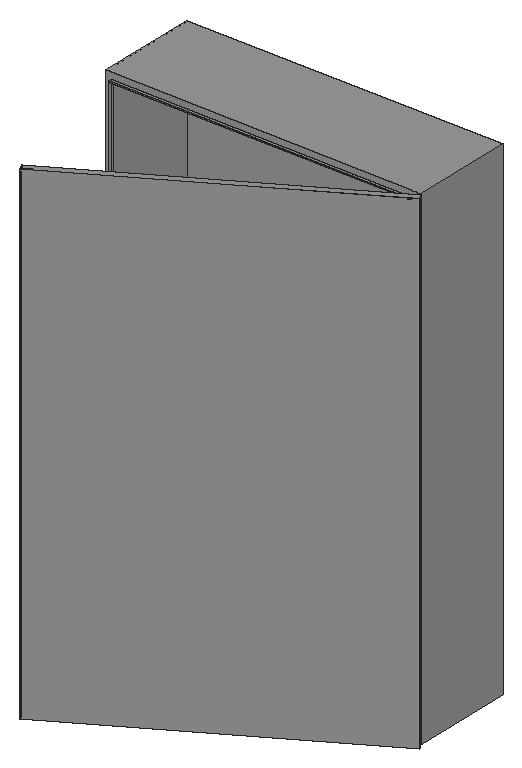
Revit family "Hager-Univers-IP55-D275-H1250-Cl.II-Steel_encl-NoHosted-BE-fr", category Electrical Equipment, Revit 2020
Family settings
  Panel Configuration = Two Columns, Circuits Across
  Round Connector Dimension = Use Diameter
  Part Type = Panelboard
  Work Plane-Based = Yes
  Always vertical = Yes
  Cut with Voids When Loaded = No
  Shared = No
  Room Calculation Point = No
Parameters (values of type "saillie IP55 L800 H1250 P275  - FR83S")
  Width Control [instance] = if([EF000008 - largeur] > Min Width, [EF000008 - largeur], Min Width)  # 800 mm
  Type Comments = [HG000003 - Gamme]  # "Univers"
  Thickness Door [instance] = if([EF009171 - épaisseur de matériau de la porte/du couvercle] > 3 mm, 3 mm, [EF009171 - épaisseur de matériau de la porte/du couvercle])  # 1.5 mm
  Seal Frame Offset [instance] = 17 mm  # constant formula
  Plinth Visibility [instance] = [HG000027 - Hauteur du socle] > 0 mm  # no
  Min Width [instance] = 100 mm  # constant formula
  Min Depth [instance] = (2 * [EF009170 - épaisseur de matériau du boîtier]) + 1 mm  # 4 mm
  Min Height [instance] = 100 mm  # constant formula
  Internal Frame Depth [instance] = (Door System Depth * 0.5)  # 9 mm
  Panel Name [instance] = ""  # (empty or 0)
  Model = ""
  HG000027 - Hauteur du socle = 0 mm
  HG000026 - Installation au sol = no
  HG000024 - Hauteur de la section basse = 600 mm
  HG000023 - Armoire double section = no
  HG000016 - Visibilité de la porte 3D [instance] = yes
  HG000015 - Visibilité de l'emprise de la porte [instance] = no
  HG000014 - Porte à droite [instance] = yes
  HG000013 - Porte à gauche [instance] = not([HG000014 - Porte à droite])  # no
  HG000012 - Angle de pivotement de la porte [instance] = 30.00°
  HG000010 - Portes asymétriques = no
  HG000009 - Porte à double battant = no
  HG000006 - Encastré = no
  HG000004 - Référence fabricant = "FR83S"
  HG000003 - Gamme = "Univers"
  HG000002 - avec porte = yes
  Frame Offset Bottom [instance] = 10 mm  # constant formula
  Frame Offset [instance] = 15 mm  # constant formula
  EF015940 - couvercle avec décharge de pression = no
  EF011959 - degré de protection (NEMA) = ""
  EF009554 - nombre d'ouvertures pour plaques à bride = 6
  EF009212 - finition du couvercle = "EV000116 - fermé"
  EF009171 - épaisseur de matériau de la porte/du couvercle = 1.5 mm
  EF009170 - épaisseur de matériau du boîtier = 1.5 mm
  EF008873 - courant nominal (In) = 800 A
  EF007800 - adapté à un parafoudre = no
  EF006306 - avec serrure = no
  EF006244 - couvercle/porte transparent(e) = no
  EF005474 - indice de protection (IP) = "EV006420 - IP55"
  EF004464 - type de porte = "EV002646 - unique"
  EF004427 - nombre de modules = 288
  EF004293 - indice de protection contre les chocs (IK) = "EV008784 - IK10"
  EF003532 - convient pour utilisation à l’extérieur = no
  EF002950 - largeur en nombre de modules = 24
  EF001613 - maintien de fonction = "EV000494 - sans"
  EF001596 - matériau du boîtier/corps = "EV000179 - acier"
  EF001131 - profondeur intérieure = 275 mm
  EF001088 - possibilité de montage en saillie = yes
  EF000437 - nombre d'entrées de conduit = 6
  EF000339 - type de capot = "EV004216 - porte"
  EF000266 - nombre de rangées = 8
  EF000218 - profondeur d'encastrement = 0 mm
  EF000118 - avec cadre/support de montage = no
  EF000116 - numéro RAL = "7035"
  EF000049 - profondeur = 275 mm
  EF000040 - hauteur = 1250 mm
  EF000008 - largeur = 800 mm
  EF000007 - couleur = "EV000270 - gris"
  EF000003 - mode de pose = "EV000384 - saillie"
  Door System Leaf Tolerance [instance] = 1.5 mm  # constant formula
  Door System Depth [instance] = 18 mm  # constant formula
  Door Height [instance] = Height Control - [HG000027 - Hauteur du socle]  # 1250 mm
  Description = ""
  Default Elevation = 1219.2 mm
  Connector Offset [instance] = Height Control / 2  # 625 mm
  Manufacturer = "Hager"  # constant formula
  Height Control [instance] = if([EF000040 - hauteur] > Min Height, [EF000040 - hauteur], Min Height)  # 1250 mm
  Depth Control [instance] = if([EF000049 - profondeur] > Min Depth, [EF000049 - profondeur], Min Depth)  # 275 mm
  Bottom Top Plate Trim [instance] = 1.5 mm  # constant formula
  Plinth height Ctrl [instance] = if([HG000027 - Hauteur du socle] > 0 mm, [HG000027 - Hauteur du socle], 12 mm)  # 12 mm
Types (5, lengths in mm): name | Width Control | HG000010 - Portes asymétriques | HG000009 - Porte à double battant | HG000004 - Référence fabricant | EF009554 - nombre d'ouvertures pour plaques à bride | EF004464 - type de porte | EF004427 - nombre de modules | EF000437 - nombre d'entrées de conduit | EF000008 - largeur
  saillie IP55 L1050 H1250 P275  - FR84S | 1050 | no | yes | "FR84S" | 8 | "EV003602 - double" | 384 | 8 | 1050
  saillie IP55 L1300 H1250 P275  - FR85S | 1300 | yes | yes | "FR85S" | 10 | "EV003602 - double" | 480 | 10 | 1300
  saillie IP55 L300 H1250 P275  - FR81S | 300 | no | no | "FR81S" | 2 | "EV002646 - unique" | 96 | 2 | 300
  saillie IP55 L550 H1250 P275  - FR82S | 550 | no | no | "FR82S" | 4 | "EV002646 - unique" | 192 | 4 | 550
  saillie IP55 L800 H1250 P275  - FR83S | 800 | no | no | "FR83S" | 6 | "EV002646 - unique" | 288 | 6 | 800
Reference planes
  plane 1 "Center (Front/Back)": y = 0
  plane 2: z = 0
  plane 3 "Center (Left/Right)": x = 0
  plane 4: y = 0
  plane 5: y = 0
  plane 6: z = 0
  plane 7: x = -400
  plane 8: x = 400
  plane 9: x = 398.5
  plane 10: x = -398.5
  plane 11: z = 0
  plane 12: z = 1.5
  plane 13: y = -275
  plane 14: y = -1.5
  plane 15: x = 0
  plane 16: y = -257
  plane 17: y = -273.5
  plane 18: y = -255.5
  plane 19: x = -383.5
  plane 20: x = 383.5
  plane 21: z = 11.5
  plane 22: x = -383
  plane 23: x = 383
  plane 24: z = 0
  plane 25: z = 1250
  plane 26: z = 1250
  plane 27: z = 1233.5
  plane 28: z = 1248.5
Forms (mm)
  Extrusion 1, solid, material "Hager_Steel_RAL7035_Light_Grey", detail levels medium+fine
    sketch origin (-208.679, -4572, 0) x (-1, 0, 0) y (0, -1, 0)
      loop
        line (191.321, -4315) -> (-608.679, -4315) -> (-608.679, -4572) -> (191.321, -4572) -> (191.321, -4315)
    from 0 to 1250
  Extrusion 2, void
    sketch origin (-350.771, -275, 1219.2) x (1, 0, 0) y (0, 0, 1)
      loop
        line (-47.729, 29.3) -> (-47.729, -1217.7) -> (749.271, -1217.7) -> (749.271, 29.3) -> (-47.729, 29.3)
    from -19.5 to -273.5
  Extrusion 3, void
    sketch origin (-290.084, -257, 1219.2) x (1, 0, 0) y (0, 0, 1)
      loop
        line (-93.416, -1207.7) -> (673.584, -1207.7) -> (673.584, 14.3) -> (-93.416, 14.3) -> (-93.416, -1207.7)
    from 0 to -1.5
  Extrusion 4, solid, material "Hager_Steel_RAL7035_Light_Grey", visible <- "Plinth Visibility", detail levels medium+fine
    sketch origin (0, 0, 0) x (1, 0, 0) y (0, 1, 0)
      loop
        line (-400, 0) -> (-400, -257) -> (400, -257) -> (400, 0) -> (-400, 0)
    from 0 to 12 <- "Plinth height Ctrl"
  Extrusion 5, solid, material "Hager_Steel_RAL7035_Light_Grey", detail levels coarse
    sketch origin (0, 0, 0) x (1, 0, 0) y (0, 1, 0)
      loop
        line (-400, 0) -> (-400, -275) -> (400, -275) -> (400, 0) -> (-400, 0)
    from 0 to 1250 <- "Height Control"
  Sweep 6, void
    path in 3D
      loop
        line (-400, -257, 12) -> (400, -257, 12) -> (400, 0, 12) -> (-400, 0, 12) -> (-400, -257, 12)
    profile origin (-400, -128.5, 12) x (1, 0, 0) y (0, 0, 1)
      loop
        line (0, 0) -> (0, -1.5) -> (1.5, -1.5)
        arc (1.5, -1.5) -> (1.061, -0.439) -> (0, 0) r 1.5
  Extrusion 7, solid, material "Hager_Steel_RAL7035_Light_Grey", detail levels fine
    sketch origin (-400, -257, 0) x (1, 0, 0) y (0, 0, 1)
      loop
        line (16.5, 11.5) -> (783.5, 11.5) -> (783.5, 1233.5) -> (16.5, 1233.5) -> (16.5, 11.5)
      loop
        line (15, 10) -> (785, 10) -> (785, 1235) -> (15, 1235) -> (15, 10)
    from 0 to 9 <- "Internal Frame Depth"
Cuts and joins
  Extrusion 2, Extrusion 3 cuts Extrusion 1
  Sweep 6 cuts Extrusion 4
Lines and regions (mm)
  Masking region 1
    outline origin (0, 0, 0) x (1, 0, 0) y (0, 1, 0)
      loop
        line (-400, 0) -> (-400, -275) -> (400, -275) -> (400, 0) -> (-400, 0)
  Masking region 2, detail levels coarse
    outline origin (-290.084, -257, 1219.2) x (-1, 0, 0) y (0, 0, 1)
      loop
        line (-690.084, -1219.2) -> (109.916, -1219.2) -> (109.916, 30.8) -> (-690.084, 30.8) -> (-690.084, -1219.2)
  Masking region 3, detail levels coarse
    outline origin (0, 0, 0) x (0, 1, 0) y (0, 0, 1)
      loop
        line (0, 0) -> (0, 1250) -> (-275, 1250) -> (-275, 0) -> (0, 0)
  Masking region 4, visible <- "Plinth Visibility", detail levels medium+fine
    outline origin (0, 0, 0) x (0, 1, 0) y (0, 0, 1)
      loop
        line (-1.5, 12) -> (-255.5, 12)
        arc (-255.5, 12) -> (-255.939, 10.939) -> (-257, 10.5) r 1.5
        line (-257, 10.5) -> (-257, 0) -> (0, 0) -> (0, 10.5)
        arc (0, 10.5) -> (-1.061, 10.939) -> (-1.5, 12) r 1.5
  Masking region 5, detail levels medium+fine
    outline origin (0, 0, 594.038) x (0, 1, 0) y (0, 0, 1)
      loop
        line (0, -594.038) -> (0, 655.962) -> (-257, 655.962) -> (-257, -594.038) -> (0, -594.038)
  Masking region 6, detail levels medium+fine
    outline origin (-359.7, -257, 1211.883) x (-1, 0, 0) y (0, 0, 1)
      loop
        line (-759.7, -1211.883) -> (40.3, -1211.883) -> (40.3, 38.117) -> (-759.7, 38.117) -> (-759.7, -1211.883)
  Masking region 7, visible <- "Plinth Visibility", detail levels medium+fine
    outline origin (-320.334, -257, 1041.368) x (-1, 0, 0) y (0, 0, 1)
      loop
        line (-720.334, -1041.368) -> (79.666, -1041.368) -> (79.666, -1030.868)
        arc (79.666, -1030.868) -> (78.606, -1030.429) -> (78.166, -1029.368) r 1.5
        line (78.166, -1029.368) -> (-718.834, -1029.368)
        arc (-718.834, -1029.368) -> (-719.273, -1030.429) -> (-720.334, -1030.868) r 1.5
        line (-720.334, -1030.868) -> (-720.334, -1041.368)
  sketch lines
    curve 1: line (-400, 0, 12) -> (-400, -257, 12)
    curve 2: line (-400, -257, 12) -> (400, -257, 12)
    curve 3: line (400, 0, 12) -> (-400, 0, 12)
    curve 4: line (400, -257, 12) -> (400, 0, 12)
Dimensions and locks
  locked: plane 1 "Center (Front/Back)" to plane 5
  "EF009170 - épaisseur de matériau du boîtier": plane 7 to plane 10
  "EF009170 - épaisseur de matériau du boîtier": plane 8 to plane 9
  equal spacing: plane 7, plane 3 "Center (Left/Right)", plane 8
  "Width Control": plane 7 to plane 8
  "Depth Control": plane 4 to plane 13
  "EF009170 - épaisseur de matériau du boîtier": plane 4 to plane 14
  "Height Control": plane 25 to level
  "HG000027 - Hauteur du socle": plane 11 to level
  "EF009170 - épaisseur de matériau du boîtier": plane 12 to plane 11
  "EF009170 - épaisseur de matériau du boîtier": plane 17 to plane 13
  "EF009170 - épaisseur de matériau du boîtier": plane 18 to plane 16
  "Frame Offset Bottom": plane 21 to plane 12
  "Frame Offset": plane 10 to plane 19
  "Frame Offset": plane 9 to plane 20
  "Door System Depth": plane 16 to plane 13
  "Seal Frame Offset": plane 7 to plane 22
  "Seal Frame Offset": plane 8 to plane 23
  "EF009170 - épaisseur de matériau du boîtier": plane 26 to plane 28
  "Frame Offset": plane 28 to plane 27
  "Connector Offset": plane 2 to connector elem
  "Bottom Top Plate Trim": profile plane to Sweep 6 sketch curve
  "Bottom Top Plate Trim": Sweep 6 sketch curve to Sweep 6 sketch curve
  "Plinth height Ctrl": Masking region 4 sketch curve to level
  "Plinth height Ctrl": Masking region 7 sketch curve to level
  "Thickness Door": Extrusion 7 sketch curve to Extrusion 7 sketch curve  (x4)
  "Bottom Top Plate Trim": radius of Sweep 6 sketch curve
  "Bottom Top Plate Trim": radius of Masking region 4 sketch curve  (x2)
  "Bottom Top Plate Trim": radius of Masking region 7 sketch curve  (x2)
  aligned and locked: Extrusion 2 sketch curve to plane 12
  aligned and locked: Extrusion 2 sketch curve to plane 9
  aligned and locked: Extrusion 2 sketch curve to plane 10
  aligned and locked: Extrusion 2 to plane 14
  aligned and locked: Extrusion 1 sketch curve to plane 4
  aligned and locked: plane 8 to Extrusion 1 sketch curve
  aligned and locked: plane 7 to Extrusion 1 sketch curve
  aligned and locked: Extrusion 2 to plane 18
  aligned and locked: Extrusion 3 sketch curve to plane 19
  aligned and locked: plane 20 to Extrusion 3 sketch curve
  aligned and locked: Extrusion 3 to Extrusion 2
  aligned and locked: Extrusion 3 sketch curve to plane 21
  aligned and locked: plane 3 "Center (Left/Right)" to nested 1
  aligned and locked: Extrusion 1 sketch curve to plane 16
  aligned and locked: Extrusion 4 sketch curve to cut or joined group of Extrusion 1, Extrusion 2, Extrusion 3
  aligned and locked: Masking region 1 sketch curve to plane 7
  aligned and locked: Masking region 1 sketch curve to plane 5
  aligned and locked: Masking region 1 sketch curve to plane 8
  aligned and locked: Masking region 2 sketch curve to level
  aligned and locked: level to Masking region 3 sketch curve
  aligned and locked: plane 1 "Center (Front/Back)" to Masking region 3 sketch curve
  aligned and locked: plane 13 to Masking region 3 sketch curve
  aligned and locked: plane 5 to Masking region 4 sketch curve
  aligned and locked: Masking region 2 sketch curve to plane 8
  aligned and locked: Masking region 2 sketch curve to plane 7
  aligned and locked: plane 7 to nested 2
  aligned and locked: nested 2 to plane 5
  aligned and locked: plane 5 to Masking region 5 sketch curve
  aligned and locked: plane 26 to Masking region 5 sketch curve
  aligned and locked: Extrusion 5 sketch curve to plane 8
  aligned and locked: Extrusion 5 sketch curve to plane 7
  aligned and locked: Extrusion 5 sketch curve to plane 5
  aligned and locked: Extrusion 3 sketch curve to plane 27
  aligned and locked: Extrusion 2 sketch curve to plane 28
  aligned and locked: Masking region 2 to plane 25
  aligned and locked: Extrusion 4 to plane 16
  aligned and locked: profile plane to Sweep 6 sketch curve
  aligned and locked: Masking region 5 sketch curve to plane 24
  aligned and locked: level to Masking region 4 sketch curve
  aligned and locked: Masking region 1 to plane 13
  aligned and locked: nested 1 to plane 16
  aligned and locked: Masking region 3 to plane 25
  aligned and locked: plane 16 to Masking region 4 sketch curve
  aligned and locked: Masking region 5 sketch curve to plane 16
  aligned and locked: plane 24 to plane 11
  aligned and locked: plane 26 to plane 25
  aligned and locked: plane 26 to cut or joined group of Extrusion 1, Extrusion 2, Extrusion 3
  aligned and locked: nested 1 to plane 24
  aligned and locked: Extrusion 1 to Extrusion 3
  aligned and locked: Masking region 6 sketch curve to plane 8
  aligned and locked: Masking region 6 sketch curve to plane 24
  aligned and locked: Masking region 6 sketch curve to plane 7
  aligned and locked: Masking region 6 sketch curve to plane 26
  aligned and locked: Masking region 7 sketch curve to plane 7
  aligned and locked: level to Masking region 7 sketch curve
  aligned and locked: Masking region 7 sketch curve to plane 8
  aligned and locked: Extrusion 7 sketch curve to cut or joined group of Extrusion 1, Extrusion 2, Extrusion 3  (x4)
Automatic sketch dimensions
  plane 19 to Extrusion 3 sketch curve = 0 mm
  Extrusion 3 sketch curve to plane 20 = 0 mm
  Extrusion 3 sketch curve to plane 21 = 0 mm
  Extrusion 4 sketch curve to plane 7 = 0 mm
  Extrusion 4 sketch curve to plane 8 = 0 mm
  Extrusion 4 sketch curve to plane 16 = 0 mm
  Masking region 1 sketch curve to plane 13 = 0 mm
  Masking region 2 sketch curve to plane 25 = 0 mm
  Masking region 3 sketch curve to plane 25 = 0 mm
  Extrusion 5 sketch curve to plane 13 = 0 mm
  profile plane to Sweep 6 sketch curve = 0 mm
Nested families
  nested 1: "EC000058_Univers_Door" at (0, -257, 0), Double <- "HG000009 - Porte à double battant", Transparent <- "EF006244 - couvercle/porte transparent(e)", Angle <- "HG000012 - Angle de pivotement de la porte", Door_Right <- "HG000014 - Porte à droite", Assymetrical <- "HG000010 - Portes asymétriques", Door <- "HG000002 - avec porte", Width_Ctrl <- "Width Control", 3d_Door <- "HG000016 - Visibilité de la porte 3D", Clearance <- "HG000015 - Visibilité de l'emprise de la porte", Door_Left <- "HG000013 - Porte à gauche", Width <- "Width Control", Door_Depth <- "Door System Depth", Leaf_Tolerance <- "Door System Leaf Tolerance", Height <- "Door Height", Lock_Visibility <- "EF006306 - avec serrure", Thickness <- "Thickness Door", type "EC000058_Univers_Door", detail levels medium+fine
    with min_wh 4 mm, Width_Ctrl 800 mm, Width 800 mm, Transparent no, Thickness 1.5 mm, Seal_Material Hager_Rubber, Lock_Visibility no, Lock_Material Hager_Plastic_RAL9005_Jet_Black, Leaf_Width 800 mm, Leaf_Tolerance_External_Sides 0 mm, Leaf_Tolerance 1.5 mm, Leaf_Offset 0 mm, Leaf_Height 1247 mm, Leaf_2_Width 800 mm, Leaf_2_Offset 400 mm, Leaf_1_Width 800 mm, Leaf_1_Offset 400 mm, Height_Ctrl 1250 mm, Height 1250 mm, Glass_Material Hager_Glass, Double_Clearance_Ctrl no, Double no, Door_Right_Ctrl yes, Door_Right yes, Door_Material Hager_Steel_RAL7035_Light_Grey, Door_Left_Ctrl no, Door_Left no, Door_Depth 18 mm, Door yes, Clearance_Material Hager_Clearance, Clearance_Depth 800 mm, Clearance_Ctrl no, Clearance no, Assymetrical no, Angle 30.00°, 3d_Door yes
  nested 2: "Hager_Enclosure_Symbol" at (-400, 0, 0), Height <- "Depth Control", Width <- "Width Control", type "Hager_Enclosure_Symbol"
    with Width_Ctrl 800 mm, Width 800 mm, Height_Ctrl 275 mm, Height 275 mm, A_Width_Int 18.047 mm, A_Width 216.562 mm, A_Height_Ctrl 240.625 mm, A_Height 240.625 mm
Connectors
  electrical at (0, 0, 625)
    settings: on plane 1 "Center (Front/Back)", index 1, voltage 0 V, apparent load 0 VA, apparent load phase1 0 VA, apparent load phase2 0 VA, apparent load phase3 0 VA, power factor 1, load classification "Other", number of poles 1, system type 30, power factor state 1, is connector primary yes, connector utility no, sub classification motor no, connector description ""
Definition of nested family "EC000058_Univers_Door"
  Parameters (values of type "EC000058_Univers_Door")
    min_wh [instance] = (2 * Thickness) + 1 mm  # 11 mm
    Width_Ctrl [instance] = 400 mm
    Width [instance] = 500 mm
    Transparent [instance] = yes
    Thickness [instance] = 5 mm
    Seal_Material [instance] = none
    Lock_Visibility [instance] = yes
    Lock_Material [instance] = none
    Leaf_Width [instance] = if((Width_Ctrl - 2 * Leaf_Tolerance_External_Sides) > 0 mm, (Width_Ctrl - 2 * Leaf_Tolerance_External_Sides), min_wh)  # 400 mm
    Leaf_Tolerance_External_Sides [instance] = 0 mm  # constant formula
    Leaf_Tolerance [instance] = 1.5 mm
    Leaf_Offset [instance] = 0 mm  # constant formula
    Leaf_Height [instance] = if((Height_Ctrl - 2 * Leaf_Tolerance) > 0 mm, (Height_Ctrl - 2 * Leaf_Tolerance), min_wh)  # 497 mm
    Leaf_2_Width [instance] = if(and(and(Double, Assymetrical), Door_Left), (Leaf_Width / 3) - (Leaf_Tolerance / 2), if(and(and(Double, Assymetrical), Door_Right), (Leaf_Width / 3) * 2 - (Leaf_Tolerance / 2), if(and(Double, not(Assymetrical)), (Leaf_Width / 2) - Leaf_Tolerance, Leaf_Width)))  # 400 mm
    Leaf_2_Offset [instance] = if(and(Double, Assymetrical), Leaf_2_Width / 2, if(and(Double, not(Assymetrical)), Leaf_Width / 4, Leaf_Width / 2))  # 200 mm
    Leaf_1_Width [instance] = if(and(and(Double, Assymetrical), Door_Right), (Leaf_Width / 3) - (Leaf_Tolerance / 2), if(and(and(Double, Assymetrical), Door_Left), (Width / 3) * 2 - (Leaf_Tolerance / 2), if(and(Double, not(Assymetrical)), (Leaf_Width / 2) - Leaf_Tolerance, Leaf_Width)))  # 400 mm
    Leaf_1_Offset [instance] = if(and(Double, Assymetrical), Leaf_1_Width / 2, if(and(Double, not(Assymetrical)), Leaf_Width / 4, Leaf_Width / 2))  # 200 mm
    Height_Ctrl [instance] = if(Height > min_wh, Height, min_wh)  # 500 mm
    Height [instance] = 500 mm
    Glass_Material [instance] = none
    Double_Clearance_Ctrl [instance] = and(Double, Clearance)  # no
    Double [instance] = no
    Door_Right_Ctrl [instance] = and(or(Door_Right, Double), Door)  # yes
    Door_Right [instance] = yes
    Door_Material [instance] = none
    Door_Left_Ctrl [instance] = and(or(Door_Left, Double), Door)  # no
    Door_Left [instance] = no
    Door_Depth [instance] = 30 mm
    Door [instance] = yes
    Default Elevation = 1219.2 mm
    Clearance_Material [instance] = none
    Clearance_Depth [instance] = if(Leaf_1_Width > Leaf_2_Width, Leaf_1_Width, Leaf_2_Width)  # 400 mm
    Clearance_Ctrl [instance] = and(not(Double), Clearance)  # yes
    Clearance [instance] = yes
    Assymetrical [instance] = yes
    Angle [instance] = 30.00°
    3d_Door [instance] = yes
  Reference planes
    plane 1 "Center (Front/Back)": y = 0
    plane 2 "Bottom": z = 0
    plane 3 "Center (Left/Right)": x = 0
    plane 4: z = 500
    plane 5: x = -200
    plane 6: x = 200
    plane 7: z = 500
    plane 8: x = -200
    plane 9: z = 0
    plane 10: x = 200
    plane 11: y = 0
    plane 12: z = 1.5
    plane 13: x = -600
    plane 14: y = -400
    plane 15: x = 600
    plane 16: x = 0
    plane 17: x = 0
    plane 18: x = -200
    plane 19: x = 200
    plane 20: z = 498.5
  Forms (mm)
    Extrusion 1, solid, material <- "Clearance_Material", visible <- "Double_Clearance_Ctrl"
      sketch origin (1200, 0, 0) x (1, 0, 0) y (0, 0, -1)
        loop
          line (-1800, -498.5) -> (-600, -498.5) -> (-600, 0) -> (-1800, 0) -> (-1800, -498.5)
      from 0 to -400
  Dimensions and locks
    equal spacing: plane 5, plane 3 "Center (Left/Right)", plane 6
    "Width_Ctrl": plane 5 to plane 6
    "Leaf_Offset": plane 5 to plane 8
    "Leaf_Offset": plane 6 to plane 10
    "Leaf_Offset": plane 9 to level
    "Leaf_Offset": plane 4 to plane 7
    "Height_Ctrl": plane 4 to level
    "Leaf_Tolerance": plane 12 to plane 9
    locked: plane 11 to plane 1 "Center (Front/Back)"
    "Leaf_1_Offset": plane 18 to plane 16
    "Leaf_2_Offset": plane 17 to plane 19
    "Leaf_1_Width": plane 13 to plane 8
    "Leaf_2_Width": plane 10 to plane 15
    "Clearance_Depth": plane 14 to plane 1 "Center (Front/Back)"
    "Leaf_Tolerance_External_Sides": plane 8 to plane 18
    "Leaf_Tolerance_External_Sides": plane 19 to plane 10
    "Leaf_Tolerance": plane 7 to plane 20
    aligned and locked: level to plane 2 "Bottom"
    aligned and locked: nested 1 to plane 16
    aligned and locked: nested 2 to plane 17
    aligned and locked: Extrusion 1 to plane 13
    aligned and locked: plane 15 to Extrusion 1
    aligned and locked: Extrusion 1 to plane 14
    aligned and locked: plane 12 to nested 1
    aligned and locked: nested 2 to plane 12
    aligned and locked: Extrusion 1 to plane 11
    aligned and locked: plane 20 to Extrusion 1
    aligned and locked: nested 2 to plane 11
    aligned and locked: nested 1 to plane 11
  Automatic sketch dimensions
    Extrusion 1 sketch curve to level = 0 mm
    plane 5 to Extrusion 1 sketch curve = 400 mm
    plane 6 to Extrusion 1 sketch curve = 400 mm
    Extrusion 1 sketch curve to plane 4 = 1.5 mm
  Nested families
    nested 1: "EC000058_Univers_Door_Leaf" at (0, 0, 1.5), Width <- "Leaf_1_Width", visible <- "Door_Left_Ctrl", Leaf_Height <- "Leaf_Height", Angle <- "Angle", 3d_Door <- "3d_Door", Transparent <- "Transparent", Clearance Material <- "Clearance_Material", Clearance <- "Clearance_Ctrl", Door_Material <- "Door_Material", Glass_Material <- "Glass_Material", Door_Depth <- "Door_Depth", Lock_Material <- "Lock_Material", Seal_Material <- "Seal_Material", Lock_Visibility <- "Lock_Visibility", Thickness <- "Thickness", type "EC000058_Univers_Door_Leaf"
      with Width 400 mm, Transparent_Glass_Offset 30 mm, Transparent_Ctrl yes, Transparent yes, Thickness 5 mm, Standard no, Seal_Material none, Seal_D2 8 mm, Seal_D1 1 mm, Offset_Internal_Frame 10 mm, Lock_Width 20 mm, Lock_Visibility_3d yes, Lock_Visibility yes, Lock_Thickness_3 3 mm, Lock_Thickness_2 1 mm, Lock_Thickness_1 3 mm, Lock_Radius_Offset_2 16 mm, Lock_Radius_Offset_1 15 mm, Lock_Radius_2 5 mm, Lock_Radius 6 mm, Lock_Offset 5 mm, Lock_Material none, Lock_Height 80 mm, Lock_Cover_Top_Offset_2d 17 mm, Lock_Cover_Height -65 mm, Leaf_Height 497 mm, Internal_Seal_Thickness 8 mm, Internal_Seal_Depth_2 4.5 mm, Internal_Frame_Depth 25 mm, Glass_Thickness -1 mm, Glass_Offset -2 mm, Glass_Material none, Door_Material none, Door_Depth 30 mm, Clearance Material none, Clearance yes, Angle_Ctrl 30.00°, Angle 30.00°, 3d_Door yes
    nested 2: "EC000058_Univers_Door_Leaf" at (0, 0, 1.5) x (-1, 0, 0) z (0, 0, 1), Width <- "Leaf_2_Width", visible <- "Door_Right_Ctrl", Leaf_Height <- "Leaf_Height", Angle <- "Angle", 3d_Door <- "3d_Door", Transparent <- "Transparent", Clearance Material <- "Clearance_Material", Clearance <- "Clearance_Ctrl", Door_Material <- "Door_Material", Glass_Material <- "Glass_Material", Door_Depth <- "Door_Depth", Lock_Material <- "Lock_Material", Seal_Material <- "Seal_Material", Lock_Visibility <- "Lock_Visibility", Thickness <- "Thickness", type "EC000058_Univers_Door_Leaf"
      with Width 400 mm, Transparent_Glass_Offset 30 mm, Transparent_Ctrl yes, Transparent yes, Thickness 5 mm, Standard no, Seal_Material none, Seal_D2 8 mm, Seal_D1 1 mm, Offset_Internal_Frame 10 mm, Lock_Width 20 mm, Lock_Visibility_3d yes, Lock_Visibility yes, Lock_Thickness_3 3 mm, Lock_Thickness_2 1 mm, Lock_Thickness_1 3 mm, Lock_Radius_Offset_2 16 mm, Lock_Radius_Offset_1 15 mm, Lock_Radius_2 5 mm, Lock_Radius 6 mm, Lock_Offset 5 mm, Lock_Material none, Lock_Height 80 mm, Lock_Cover_Top_Offset_2d 17 mm, Lock_Cover_Height -65 mm, Leaf_Height 497 mm, Internal_Seal_Thickness 8 mm, Internal_Seal_Depth_2 4.5 mm, Internal_Frame_Depth 25 mm, Glass_Thickness -1 mm, Glass_Offset -2 mm, Glass_Material none, Door_Material none, Door_Depth 30 mm, Clearance Material none, Clearance yes, Angle_Ctrl 30.00°, Angle 30.00°, 3d_Door yes
  Definition of nested family "EC000058_Univers_Door_Leaf"
    Parameters (values of type "EC000058_Univers_Door_Leaf")
      Width [instance] = 2000 mm
      Transparent_Glass_Offset [instance] = 30 mm
      Transparent_Ctrl [instance] = and(Transparent, [3d_Door])  # yes
      Transparent [instance] = yes
      Thickness [instance] = 5 mm
      Standard [instance] = and(not(Transparent), [3d_Door])  # no
      Seal_Material [instance] = none
      Seal_D2 [instance] = 8 mm  # constant formula
      Seal_D1 [instance] = 1 mm  # constant formula
      Offset_Internal_Frame [instance] = 10 mm  # constant formula
      Lock_Width [instance] = 20 mm  # constant formula
      Lock_Visibility_3d [instance] = and(Lock_Visibility, [3d_Door])  # yes
      Lock_Visibility [instance] = yes
      Lock_Thickness_3 [instance] = 3 mm  # constant formula
      Lock_Thickness_2 [instance] = 1 mm  # constant formula
      Lock_Thickness_1 [instance] = 3 mm  # constant formula
      Lock_Radius_Offset_2 [instance] = Lock_Radius_Offset_1 + 1 mm  # 16 mm
      Lock_Radius_Offset_1 [instance] = 15 mm  # constant formula
      Lock_Radius_2 [instance] = Lock_Radius - 1 mm  # 5 mm
      Lock_Radius [instance] = 6 mm  # constant formula
      Lock_Offset [instance] = 5 mm  # constant formula
      Lock_Material [instance] = none
      Lock_Height [instance] = 80 mm  # constant formula
      Lock_Cover_Top_Offset_2d [instance] = Lock_Radius_Offset_2 + 1 mm  # 17 mm
      Lock_Cover_Height [instance] = -(Lock_Height - Lock_Radius_Offset_1)  # -65 mm
      Leaf_Height [instance] = 2720.336 mm
      Internal_Seal_Thickness [instance] = 8 mm  # constant formula
      Internal_Seal_Depth_2 [instance] = 4.5 mm  # constant formula
      Internal_Frame_Depth [instance] = if(Door_Depth - Thickness > 5 mm, Door_Depth - Thickness, 5 mm)  # 25 mm
      Glass_Thickness [instance] = if(Thickness > 15 mm, Glass_Offset + 10 mm, -1 mm)  # -1 mm
      Glass_Offset [instance] = if(Thickness > 15 mm, -(Thickness + 10 mm) / 2, -2 mm)  # -2 mm
      Glass_Material [instance] = none
      Door_Material [instance] = none
      Door_Depth [instance] = 30 mm
      Default Elevation = 0 mm
      Clearance Material [instance] = none
      Clearance [instance] = yes
      Angle_Ctrl [instance] = if(Angle > 180.00°, 180.00°, Angle)  # 90.00°
      Angle [instance] = 90.00°
      3d_Door [instance] = yes
    Reference planes
      plane 1 "Center (Front/Back)": y = 0
      plane 2: z = 0
      plane 3 "Center (Left/Right)": x = 0
      plane 4: y = 2000
      plane 5: x = -1000
      plane 6: x = 1000
      plane 7: x = -3000
      plane 8: z = 2720.336
      plane 9: z = 30
      plane 10: z = 2690.336
      plane 11: x = 970
      plane 12: x = -970
      plane 13: y = -3
      plane 14: z = 107.833
      plane 15: y = -5
      plane 16: y = -223.314
      plane 17: x = -1000
      plane 18: z = 1360.168
      plane 19: y = 30
    Forms (mm)
      Extrusion 1, solid, material <- "Clearance Material", visible <- "Clearance"
        sketch origin (0, 0, 0) x (1, 0, 0) y (0, 0, 1)
          loop
            line (-3000, 2720.336) -> (-3000, 0) -> (1000, 0) -> (1000, 2720.336) -> (-3000, 2720.336)
        from 0 to -2000
      Extrusion 2, solid, material <- "Door_Material", visible <- "Standard", detail levels medium+fine
        sketch origin (-1000, 0, 0) x (0, 1, 0) y (-1, 0, 0)
          loop
            line (0, 30) -> (0, 25) -> (2000, 25) -> (2000, 30) -> (0, 30)
        from 0 to 2720.336 <- "Leaf_Height"
      Extrusion 3, solid, material <- "Door_Material", visible <- "Transparent_Ctrl", detail levels medium+fine
        sketch origin (-1000, 0, 0) x (0, 1, 0) y (-1, 0, 0)
          loop
            line (0, 25) -> (2000, 25) -> (2000, 30) -> (0, 30) -> (0, 25)
        from 0 to 2720.336 <- "Leaf_Height"
      Extrusion 4, void
        sketch origin (-1025, 2000, 0) x (0, 1, 0) y (0, 0, -1)
          loop
            line (-30, -2690.336) -> (-30, -30) -> (-1970, -30) -> (-1970, -2690.336) -> (-30, -2690.336)
        from 0 to 5 <- "Thickness"
      Sweep 5, solid, material <- "Seal_Material", visible <- "Transparent_Ctrl", detail levels fine
        path in 3D
          loop
            line (-1025, 30, 30) -> (-1025, 30, 2690.336) -> (-1025, 1970, 2690.336) -> (-1025, 1970, 30) -> (-1025, 30, 30)
        profile origin (-1025, 1000, 30) x (1, 0, 0) y (0, 0, 1)
          loop
            line (0, 0) -> (0, -8) -> (1, -8) -> (1, 0) -> (0, 0)
      Extrusion 6, solid, material <- "Glass_Material", visible <- "Transparent_Ctrl", detail levels medium+fine
        sketch origin (-1030, 0, 0) x (0, 1, 0) y (0, 0, -1)
          loop
            line (1970, -2690.336) -> (1970, -30) -> (30, -30) -> (30, -2690.336) -> (1970, -2690.336)
        from -2 <- "Glass_Offset" to -1 <- "Glass_Thickness"
      Extrusion 7, solid, material <- "Door_Material", visible <- "3d_Door", detail levels medium+fine
        sketch origin (-1025, 2000, 0) x (0, -1, 0) y (0, 0, -1)
          loop
            line (0, -2720.336) -> (2000, -2720.336) -> (2000, 0) -> (0, 0) -> (0, -2720.336)
          loop
            line (1995, -5) -> (5, -5) -> (5, -2715.336) -> (1995, -2715.336) -> (1995, -5)
        from 0 to 25 <- "Internal_Frame_Depth"
      Sweep 8, solid, material <- "Seal_Material", visible <- "Transparent_Ctrl", detail levels fine
        path in 3D
          loop
            line (-1025, 0, 0) -> (-1025, 2000, 0) -> (-1025, 2000, 2720.336) -> (-1025, 0, 2720.336) -> (-1025, 0, 0)
        profile origin (-1025, 0, 1360.168) x (1, 0, 0) y (0, 1, 0)
          loop
            line (0, 10) -> (2.975, 10)
            arc (2.975, 10) -> (4.053, 10.447) -> (4.5, 11.525) r 1.525
            line (4.5, 11.525) -> (4.5, 16.527)
            arc (4.5, 16.527) -> (4.069, 17.569) -> (3.027, 18) r 1.473
            line (3.027, 18) -> (0, 18) -> (0, 10)
      Extrusion 9, solid, material <- "Lock_Material", visible <- "Lock_Visibility_3d", detail levels fine
        sketch origin (-1030, 0, 0) x (0, 1, 0) y (0, 0, -1)
          loop
            arc (1993.5, -1400.168) -> (1994.561, -1399.729) -> (1995, -1398.668) r 1.5
            line (1995, -1398.668) -> (1995, -1320.168) -> (1975, -1320.168) -> (1975, -1398.668)
            arc (1975, -1398.668) -> (1975.439, -1399.729) -> (1976.5, -1400.168) r 1.5
            line (1976.5, -1400.168) -> (1993.5, -1400.168)
        from 3 <- "Lock_Thickness_1" to 0
      Blend 10, solid, material <- "Lock_Material", visible <- "Lock_Visibility_3d", detail levels fine
        base sketch origin (-1033, 0, 0) x (0, 1, 0) y (0, 0, -1)
          loop
            line (1975, -1320.168) -> (1975, -1398.668)
            arc (1975, -1398.668) -> (1975.439, -1399.729) -> (1976.5, -1400.168) r 1.5
            line (1976.5, -1400.168) -> (1993.5, -1400.168)
            arc (1993.5, -1400.168) -> (1994.561, -1399.729) -> (1995, -1398.668) r 1.5
            line (1995, -1398.668) -> (1995, -1320.168) -> (1975, -1320.168)
        top sketch origin (-1033, 0, 0) x (0, 1, 0) y (0, 0, -1)
          loop
            line (1976, -1320.168) -> (1976, -1398.668)
            arc (1976, -1398.668) -> (1976.146, -1399.022) -> (1976.5, -1399.168) r 0.5
            line (1976.5, -1399.168) -> (1993.5, -1399.168)
            arc (1993.5, -1399.168) -> (1993.854, -1399.022) -> (1994, -1398.668) r 0.5
            line (1994, -1398.668) -> (1994, -1320.168) -> (1976, -1320.168)
        from 0 to 1 <- "Lock_Thickness_2"
      Blend 11, solid, material <- "Lock_Material", visible <- "Lock_Visibility_3d", detail levels fine
        base sketch origin (-1034, 0, 0) x (0, 1, 0) y (0, 0, -1)
          loop
            line (1978, -1320.168) -> (1978, -1384.168)
            arc (1978, -1384.168) -> (1985, -1391.168) -> (1992, -1384.168) r 7
            line (1992, -1384.168) -> (1992, -1320.168) -> (1978, -1320.168)
        top sketch origin (-1034, 0, 0) x (0, 1, 0) y (0, 0, -1)
          loop
            line (1991, -1320.168) -> (1979, -1320.168) -> (1979, -1383.168)
            arc (1979, -1383.168) -> (1985, -1389.168) -> (1991, -1383.168) r 6
            line (1991, -1383.168) -> (1991, -1320.168)
        from 0 to 3 <- "Lock_Thickness_3"
      Extrusion 12, solid, material <- "Lock_Material", visible <- "Lock_Visibility_3d", detail levels fine
        sketch origin (-1030, 1975, 1320.168) x (1, 0, 0) y (0, -1, 0)
          loop
            line (-7, -19) -> (-7, -1) -> (0, -1) -> (0, 0) -> (-8, 0) -> (-8, -20) -> (0, -20) -> (0, -19) -> (-7, -19)
        from 0 to -65 <- "Lock_Cover_Height"
      Extrusion 13, void
        sketch origin (-1038, 1995, 1320.168) x (-1, 0, 0) y (0, 0, -1)
          loop
            line (-5, -65) -> (0, -65) -> (-5, -60) -> (-5, -65)
        from 0 to 20 <- "Lock_Width"
      Extrusion 14, void
        sketch origin (-1038, 1975, 1320.168) x (0, -1, 0) y (0, 0, -1)
          loop
            circle (-10, -15.995) r 6
          loop
            circle (-10, -15.995) r 5
        from 0 to 2
      Extrusion 15, solid, material <- "Lock_Material", visible <- "Lock_Visibility_3d", detail levels medium
        sketch origin (-1030, 0, 0) x (0, 1, 0) y (0, 0, -1)
          loop
            arc (1993.5, -1400.168) -> (1994.561, -1399.729) -> (1995, -1398.668) r 1.5
            line (1995, -1398.668) -> (1995, -1320.168) -> (1975, -1320.168) -> (1975, -1398.668)
            arc (1975, -1398.668) -> (1975.439, -1399.729) -> (1976.5, -1400.168) r 1.5
            line (1976.5, -1400.168) -> (1993.5, -1400.168)
        from 8 to 0
    Cuts and joins
      Extrusion 4 cuts Extrusion 3
      Extrusion 13, Extrusion 14 cuts Extrusion 9
      Extrusion 14 cuts Blend 11
      Extrusion 13, Extrusion 14 cuts Extrusion 12
      joined: Extrusion 9, Blend 10, Blend 11, Extrusion 12
      Extrusion 14 cuts Extrusion 15
    Lines and regions (mm)
      Masking region 1, visible <- "Lock_Visibility", detail levels fine
        outline origin (0, 0, 0) x (0, 1, 0) y (0, 0, 1)
          loop
            line (30, 1320.168) -> (33, 1320.168) -> (33, 1400.168) -> (30, 1400.168) -> (30, 1320.168)
      Masking region 2, visible <- "Lock_Visibility", detail levels fine
        outline origin (0, 3.143, 0) x (0, 1, 0) y (0, 0, 1)
          loop
            line (29.857, 1354.168) -> (30.857, 1354.168) -> (30.857, 1366.168) -> (29.857, 1366.168) -> (29.857, 1354.168)
      Masking region 3, detail levels medium+fine
        outline origin (0, 0, 0) x (0, 1, 0) y (0, 0, 1)
          loop
            line (0, 0) -> (30, 0) -> (30, 2720.336) -> (0, 2720.336) -> (0, 0)
      Masking region 4, detail levels medium+fine
        outline origin (0, 0, 0) x (1, 0, 0) y (0, 0, 1)
          loop
            line (-1000, 2720.336) -> (-1000, 0) -> (1000, 0) -> (1000, 2720.336) -> (-1000, 2720.336)
      Masking region 5, visible <- "Lock_Visibility", detail levels fine
        outline origin (-47.116, 0, 0) x (1, 0, 0) y (0, 0, 1)
          loop
            arc (1024.616, 1399.168) -> (1023.556, 1398.729) -> (1023.116, 1397.668) r 1.5
            line (1023.116, 1397.668) -> (1023.116, 1320.168) -> (1041.116, 1320.168) -> (1041.116, 1397.668)
            arc (1041.116, 1397.668) -> (1040.677, 1398.729) -> (1039.616, 1399.168) r 1.5
            line (1039.616, 1399.168) -> (1024.616, 1399.168)
      Masking region 6, visible <- "Lock_Visibility", detail levels medium+fine
        outline origin (-25, 0, 0) x (1, 0, 0) y (0, 0, 1)
          loop
            arc (1001.5, 1400.168) -> (1000.439, 1399.729) -> (1000, 1398.668) r 1.5
            line (1000, 1398.668) -> (1000, 1320.168) -> (1020, 1320.168) -> (1020, 1398.668)
            arc (1020, 1398.668) -> (1019.561, 1399.729) -> (1018.5, 1400.168) r 1.5
            line (1018.5, 1400.168) -> (1001.5, 1400.168)
      Masking region 7, visible <- "Lock_Visibility", detail levels fine
        outline origin (-73.735, 0, 0) x (1, 0, 0) y (0, 0, 1)
          loop
            line (1051.735, 1382.168) -> (1065.735, 1382.168) -> (1065.735, 1384.168)
            arc (1065.735, 1384.168) -> (1058.735, 1391.168) -> (1051.735, 1384.168) r 7
            line (1051.735, 1384.168) -> (1051.735, 1382.168)
      Masking region 8, visible <- "Lock_Visibility", detail levels fine
        outline origin (-73.735, 0, 0) x (1, 0, 0) y (0, 0, 1)
          loop
            line (1052.735, 1382.168) -> (1064.735, 1382.168) -> (1064.735, 1383.168)
            arc (1064.735, 1383.168) -> (1058.735, 1389.168) -> (1052.735, 1383.168) r 6
            line (1052.735, 1383.168) -> (1052.735, 1382.168)
      Masking region 9, visible <- "Lock_Visibility", detail levels fine
        outline origin (-25, 0, 0) x (1, 0, 0) y (0, 0, 1)
          loop
            line (1020, 1320.168) -> (1020, 1382.168) -> (1000, 1382.168) -> (1000, 1320.168) -> (1020, 1320.168)
      Masking region 10, detail levels medium+fine
        outline origin (0, 0, 0) x (1, 0, 0) y (0, 0, 1)
          loop
            circle (985, 1335.144) r 6
      Masking region 11, detail levels fine
        outline origin (0, 0, 0) x (1, 0, 0) y (0, 0, 1)
          loop
            circle (985, 1335.144) r 5
      Masking region 12, visible <- "Lock_Visibility", detail levels fine
        outline origin (0, 12.767, 0) x (0, 1, 0) y (0, 0, 1)
          loop
            line (20.233, 1320.168) -> (21.233, 1320.168) -> (21.233, 1399.168) -> (20.233, 1400.168) -> (20.233, 1320.168)
      Masking region 13, visible <- "Lock_Visibility", detail levels fine
        outline origin (0, 13.767, -10) x (0, 1, 0) y (0, 0, 1)
          loop
            line (20.233, 1330.168) -> (23.233, 1330.168) -> (23.233, 1399.168) -> (20.233, 1402.168) -> (20.233, 1330.168)
      Masking region 14, visible <- "Lock_Visibility", detail levels fine
        outline origin (0, 12.767, -10) x (0, 1, 0) y (0, 0, 1)
          loop
            line (20.233, 1330.168) -> (25.233, 1330.168) -> (25.233, 1399.305) -> (20.233, 1394.305) -> (20.233, 1330.168)
      Masking region 15, visible <- "Lock_Visibility", detail levels medium
        outline origin (0, 0, 0) x (0, 1, 0) y (0, 0, 1)
          loop
            line (30, 1320.168) -> (38, 1320.168) -> (38, 1400.168) -> (30, 1400.168) -> (30, 1320.168)
      Masking region 16, visible <- "Lock_Visibility", detail levels fine
        outline origin (-1000, 0, 0) x (0, 1, 0) y (-1, 0, 0)
          loop
            line (1975, 30) -> (1995, 30) -> (1995, 38) -> (1975, 38) -> (1975, 30)
          loop
            line (1979, 37) -> (1976, 37) -> (1976, 34) -> (1978, 34) -> (1979, 37)
          loop
            line (1994, 37) -> (1991, 37) -> (1992, 34) -> (1994, 34) -> (1994, 37)
      Masking region 17, visible <- "Lock_Visibility", detail levels medium
        outline origin (-1000, 0, 0) x (0, 1, 0) y (-1, 0, 0)
          loop
            line (1975, 30) -> (1995, 30) -> (1995, 38) -> (1975, 38) -> (1975, 30)
      symbolic lines
        curve 1: line (1000, 0, 0) -> (-3000, 0, 0)
        curve 2: arc (1000, 0, 0) -> (-1000, 2000, 0) -> (-3000, 0, 0) r 2000
        curve 4: line (-1030, 0, 0) -> (-1030, 2000, 0)
      reference lines
        curve 3: line (-1000, 0, 0) -> (-1000, 2000, 0)
      symbolic lines, detail levels medium+fine
        curve 5: line (-1030, 2000, 0) -> (-1025, 2000, 0)
        curve 7: line (-1025, 0, 0) -> (-1030, 0, 0)
        curve 8: line (-1025, 0, 0) -> (-1000, 0, 0)
        curve 9: line (-1000, 0, 0) -> (-1000, 2000, 0)
        curve 10: line (-1000, 2000, 0) -> (-1025, 2000, 0)
      symbolic lines, detail levels fine
        curve 6: line (-1025, 2000, 0) -> (-1025, 0, 0)
      sketch lines
        curve 11: line (-1025, 0, 2720.336) -> (-1025, 0, 0)
        curve 12: line (-1025, 2000, 0) -> (-1025, 0, 0)
        curve 13: line (-1025, 2000, 2720.336) -> (-1025, 2000, 0)
        curve 14: line (-1025, 0, 2720.336) -> (-1025, 2000, 2720.336)
        curve 15: line (-1025, 1970, 30) -> (-1025, 30, 30)
        curve 16: line (-1025, 30, 30) -> (-1025, 30, 2690.336)
        curve 17: line (-1025, 1970, 2690.336) -> (-1025, 1970, 30)
        curve 18: line (-1025, 30, 2690.336) -> (-1025, 1970, 2690.336)
      symbolic lines, visible <- "Transparent", detail levels medium+fine
        curve 19: line (-970, 0, 2690.336) -> (970, 0, 2690.336)
        curve 20: line (-970, 0, 30) -> (-970, 0, 2690.336)
        curve 21: line (970, 0, 30) -> (-970, 0, 30)
        curve 22: line (970, 0, 2690.336) -> (970, 0, 30)
    Dimensions and locks
      "Width": plane 1 "Center (Front/Back)" to plane 4
      equal spacing: plane 5, plane 3 "Center (Left/Right)", plane 6
      "Width": plane 5 to plane 6
      "Width": plane 7 to plane 5
      "Leaf_Height": plane 8 to level
      "Width": curve 5 to curve 3
      "Width": curve 3 to curve 3
      plane 8 to plane 10 = 30 mm
      plane 9 to level = 30 mm
      plane 12 to plane 5 = 30 mm
      plane 6 to plane 11 = 30 mm
      Extrusion 1 to Extrusion 4 sketch curve = 30 mm
      "Transparent_Glass_Offset": curve 3 to Extrusion 4 sketch curve
      "Transparent_Glass_Offset": Extrusion 4 sketch curve to cut or joined group of Extrusion 3, Extrusion 4  (x2)
      cut or joined group of Extrusion 3, Extrusion 4 to Extrusion 6 sketch curve = 30 mm
      "Transparent_Glass_Offset": cut or joined group of Extrusion 3, Extrusion 4 to Extrusion 4 sketch curve
      "Thickness": curve 6 to curve 4
      "Thickness": Extrusion 7 sketch curve to Extrusion 7 sketch curve  (x4)
      "Door_Depth": curve 4 to curve 3
      "Offset_Internal_Frame": profile plane to Sweep 8 sketch curve
      "Internal_Seal_Thickness": Sweep 8 sketch curve to Sweep 8 sketch curve
      "Internal_Seal_Depth_2": profile plane to Sweep 8 sketch curve
      "Seal_D1": profile plane to Sweep 5 sketch curve
      "Seal_D2": profile plane to Sweep 5 sketch curve
      "Thickness": Extrusion 2 sketch curve to Extrusion 2 sketch curve
      equal spacing: Extrusion 9 sketch curve, plane 18, Extrusion 9 sketch curve  (x2)
      equal spacing: Masking region 1 sketch curve, plane 18, Masking region 1 sketch curve
      "Lock_Height": Masking region 1 sketch curve to Masking region 1 sketch curve
      "Lock_Radius": Masking region 2 sketch curve to plane 18 to Masking region 2 sketch curve
      Masking region 2 sketch curve to Masking region 1 = 1 mm
      "Door_Depth": plane 19 to plane 1 "Center (Front/Back)"
      "Lock_Thickness_1": Masking region 1 sketch curve to plane 19
      "Lock_Width": Extrusion 9 sketch curve to Extrusion 9 sketch curve
      "Lock_Height": Extrusion 9 sketch curve to Extrusion 9 sketch curve
      "Lock_Offset": cut or joined group of Extrusion 3, Extrusion 4 to Extrusion 9 sketch curve
      equal spacing: plane 8, plane 18, level
      "Lock_Radius_Offset_1": Blend 11 sketch curve to Blend 10
      locked: Blend 10 to Blend 11 sketch curve at 2  (x2)
      locked: var sketch to Blend 11 sketch curve at 1  (x2)
      "Lock_Radius_Offset_2": Blend 11 sketch curve to Blend 10
      locked: Extrusion 12 sketch curve to Extrusion 12 sketch curve at 1  (x3)
      Masking region 6 sketch curve to Masking region 6 sketch curve = 80 mm
      "Lock_Height": Masking region 6 sketch curve to Masking region 6 sketch curve
      "Lock_Width": Masking region 6 sketch curve to Masking region 6 sketch curve
      locked: Masking region 6 to Masking region 5 sketch curve at 1  (x3)
      locked: Masking region 5 to Masking region 7 sketch curve at 2  (x2)
      "Lock_Radius_Offset_1": Masking region 5 to Masking region 7 sketch curve
      "Lock_Radius_Offset_2": Masking region 5 to Masking region 8 sketch curve
      locked: Masking region 7 to Masking region 8 sketch curve at 1  (x2)
      "Lock_Cover_Top_Offset_2d": Masking region 5 to Masking region 9 sketch curve
      equal spacing: Masking region 9, Masking region 10 sketch curve, Masking region 9
      equal spacing: Masking region 9, Masking region 11 sketch curve, Masking region 9
      Extrusion 15 sketch curve to Extrusion 15 sketch curve = 80 mm
      "Lock_Width": Extrusion 15 sketch curve to Extrusion 15 sketch curve
      "Lock_Height": Extrusion 15 sketch curve to Extrusion 15 sketch curve
      equal spacing: Extrusion 15 sketch curve, plane 18, Extrusion 15 sketch curve
      "Lock_Thickness_3": Masking region 13 sketch curve to Masking region 13 sketch curve
      "Lock_Height": Masking region 12 sketch curve to Masking region 12 sketch curve
      locked: Masking region 13 sketch curve to Masking region 1 at 8
      locked: Masking region 14 sketch curve to Masking region 13 at 1
      locked: Masking region 14 sketch curve to Masking region 1 at 10.863
      "Lock_Height": Masking region 15 sketch curve to Masking region 15 sketch curve
      "Lock_Offset": Extrusion 15 sketch curve to cut or joined group of Extrusion 3, Extrusion 4
      "Lock_Offset": plane 6 to Masking region 6 sketch curve
      radius of Sweep 8 sketch curve = 1.525 mm
      radius of Sweep 8 sketch curve = 1.473 mm
      radius of Extrusion 9 sketch curve = 1.5 mm  (x2)
      "Lock_Radius": radius of Extrusion 14 sketch curve
      "Lock_Radius_2": radius of Extrusion 14 sketch curve
      "Lock_Radius": radius of Masking region 10 sketch curve
      "Lock_Radius_2": radius of Masking region 11 sketch curve
      radius of Extrusion 15 sketch curve = 1.5 mm  (x2)
      "Angle_Ctrl": angle plane 1 "Center (Front/Back)" to curve 3
      locked: Masking region 12 sketch curve to Masking region 12 sketch curve (angle 45.00°)
      locked: Masking region 13 sketch curve to Masking region 13 sketch curve (angle 45.00°)
      locked: Masking region 14 sketch curve to Masking region 14 sketch curve (angle 45.00°)
      aligned and locked: level to plane 2
      aligned and locked: Extrusion 1 to curve 1
      aligned and locked: plane 6 to Extrusion 1
      aligned and locked: Extrusion 1 to plane 1 "Center (Front/Back)"
      aligned and locked: plane 4 to Extrusion 1
      aligned and locked: plane 8 to Extrusion 1
      aligned and locked: curve 7 to Extrusion 2 sketch curve
      aligned and locked: curve 5 to Extrusion 2 sketch curve
      aligned and locked: curve 7 to Extrusion 3 sketch curve
      aligned and locked: Extrusion 3 sketch curve to curve 4
      aligned and locked: Extrusion 3 sketch curve to curve 6
      aligned and locked: Extrusion 3 sketch curve to curve 5
      aligned and locked: curve 9 to curve 3
      aligned and locked: Extrusion 7 sketch curve to cut or joined group of Extrusion 3, Extrusion 4  (x4)
      aligned and locked: plane 17 to curve 3
      aligned and locked: plane 1 "Center (Front/Back)" to curve 3
      aligned and locked: plane 17 to plane 5
      aligned and locked: Sweep 8 sketch curve to profile plane
      aligned and locked: Sweep 5 sketch curve to profile plane  (x2)
      aligned and locked: Masking region 1 to Masking region 2 sketch curve
      aligned and locked: plane 19 to Masking region 1 sketch curve
      aligned and locked: plane 1 "Center (Front/Back)" to Masking region 3 sketch curve
      aligned and locked: plane 19 to Masking region 3 sketch curve
      aligned and locked: level to Masking region 3 sketch curve
      aligned and locked: Masking region 3 sketch curve to plane 8
      aligned and locked: plane 17 to Masking region 4 sketch curve
      aligned and locked: level to Masking region 4 sketch curve
      aligned and locked: Masking region 4 sketch curve to plane 8
      aligned and locked: plane 12 to curve 20
      aligned and locked: plane 10 to curve 19
      aligned and locked: plane 11 to curve 22
      aligned and locked: curve 21 to plane 9
      aligned and locked: Extrusion 2 sketch curve to cut or joined group of Extrusion 3, Extrusion 4
      aligned and locked: Blend 10 sketch curve to Extrusion 9  (x4)
      aligned and locked: Extrusion 9 to Blend 10 sketch curve
      aligned and locked: Blend 10 to Blend 11 sketch curve
      aligned and locked: Extrusion 12 sketch curve to Blend 11
      aligned and locked: Extrusion 12 sketch curve to Extrusion 9  (x4)
      aligned and locked: Masking region 5 sketch curve to Masking region 6
      aligned and locked: Masking region 9 sketch curve to Masking region 6  (x3)
      aligned and locked: Masking region 12 sketch curve to Masking region 1
      aligned and locked: Masking region 13 sketch curve to Masking region 1
      aligned and locked: Masking region 12 to Masking region 14
      aligned and locked: Masking region 14 sketch curve to Masking region 1
      aligned and locked: Masking region 15 sketch curve to Masking region 14
      aligned and locked: Masking region 13 sketch curve to Masking region 12
      aligned and locked: Masking region 16 sketch curve to cut or joined group of Extrusion 14, Extrusion 15  (x4)
      aligned and locked: Masking region 16 sketch curve to cut or joined group of Extrusion 9, Blend 10, Blend 11, Extrusion 12, Extrusion 13, Extrusion 14  (x6)
      aligned and locked: cut or joined group of Extrusion 9, Blend 10, Blend 11, Extrusion 12, Extrusion 13, Extrusion 14 to Masking region 16 sketch curve
      aligned and locked: Masking region 17 sketch curve to cut or joined group of Extrusion 14, Extrusion 15  (x3)
      aligned and locked: Masking region 17 sketch curve to cut or joined group of Extrusion 9, Blend 10, Blend 11, Extrusion 12, Extrusion 13, Extrusion 14
      aligned and locked: Masking region 9 to Masking region 8 sketch curve
      aligned and locked: Masking region 9 to Masking region 7 sketch curve
    Automatic sketch dimensions
      plane 1 "Center (Front/Back)" to curve 2 = 0 mm
      curve 2 to plane 5 = 0 mm
      Extrusion 1 sketch curve to level = 0 mm
      Extrusion 1 sketch curve to plane 7 = 0 mm
      Extrusion 1 sketch curve to plane 6 = 0 mm
      Extrusion 1 sketch curve to plane 8 = 0 mm
      Extrusion 3 to Extrusion 6 sketch curve = 30 mm  (x4)
      Masking region 4 sketch curve to plane 6 = 0 mm
      Blend 10 sketch curve to Extrusion 9 = 1.5 mm
      Blend 10 sketch curve to Extrusion 9 = 1 mm
      Extrusion 13 sketch curve to Extrusion 12 = 0 mm  (x2)
      Extrusion 12 to Extrusion 13 sketch curve = 3 mm
      Extrusion 13 sketch curve to Extrusion 12 = 5 mm
      Extrusion 14 sketch curve to Extrusion 14 sketch curve = 0 mm  (x2)
      Extrusion 14 sketch curve to Extrusion 12 = 10 mm
      Extrusion 14 sketch curve to Extrusion 12 = 15.995 mm
      Masking region 5 sketch curve to Masking region 5 sketch curve = 1.5 mm  (x2)
      Masking region 10 sketch curve to plane 18 = 25.024 mm
      Masking region 11 sketch curve to plane 18 = 25.024 mm
      plane 19 to Masking region 14 sketch curve = 3 mm
      Masking region 16 sketch curve to Masking region 16 sketch curve = 3 mm
      curve 4 to curve 3 = 0 mm
      Blend 10 to Blend 11 sketch curve = 0 mm
      Masking region 6 sketch curve to Masking region 6 sketch curve = 1.5 mm  (x2)
      Masking region 6 sketch curve to plane 18 = 40 mm
      plane 19 to Masking region 12 sketch curve = 3 mm
      Masking region 12 sketch curve to Masking region 12 sketch curve = 1 mm
      Masking region 15 sketch curve to plane 19 = 0 mm
      Masking region 15 sketch curve to plane 18 = 40 mm
      radius of Blend 10 sketch curve to Extrusion 9 = 1 mm
Definition of nested family "Hager_Enclosure_Symbol"
  Parameters (values of type "Hager_Enclosure_Symbol")
    Width_Ctrl [instance] = if(Width > 1 mm, Width, 1 mm)  # 102.27 mm
    Width [instance] = 102.27 mm
    Height_Ctrl [instance] = if(Height > 1 mm, Height, 1 mm)  # 66.5 mm
    A_Width_Int [instance] = if(A_Width / 12 > 2 mm, A_Width / 12, 2 mm)  # 4.364 mm
    A_Width [instance] = if(A_Height_Ctrl * 0.9 > 2 mm, A_Height_Ctrl * 0.9, 2 mm)  # 52.369 mm
    A_Height_Ctrl [instance] = if(A_Height > 2 mm, A_Height, 2 mm)  # 58.188 mm
    Height [instance] = 66.5 mm
    A_Height [instance] = Height - (Height / 8)  # 58.188 mm
  Reference planes
    plane 1 "Centre (avant/arrière)": y = 0
    plane 2: z = 0
    plane 3 "Centre (gauche/droite)": x = 0
    plane 4: x = 52.369
    plane 5: y = 33.042
    plane 6: y = 41.77
    plane 7: y = 66.5
    plane 8: x = 26.184
    plane 9: y = 37.406
    plane 10: x = 102.27
    plane 11: y = 66.5
    plane 12: y = 8.313
  Lines and regions (mm)
    Filled region 1, type "Solid_Black", in view "Niveau de réf."
      outline origin (0, 0, 0) x (1, 0, 0) y (0, 1, 0)
        loop
          line (52.369, 66.5) -> (33.188, 54.536) -> (45.365, 45.006) -> (52.369, 66.5)
    Filled region 2, type "Solid_Black", in view "Niveau de réf."
      outline origin (0, 0, 0) x (1, 0, 0) y (0, 1, 0)
        loop
          line (0, 0) -> (102.27, 0) -> (102.27, 66.5) -> (0, 0)
    detail lines, in view "Niveau de réf."
      curve 1: line (0, 8.313, 0) -> (26.184, 41.77, 0)
      curve 2: line (26.184, 41.77, 0) -> (26.184, 33.042, 0)
      curve 3: line (26.184, 33.042, 0) -> (52.369, 66.5, 0)
  Dimensions and locks
    "A_Width": plane 3 "Centre (gauche/droite)" to plane 4
    equal spacing: plane 3 "Centre (gauche/droite)", plane 8, plane 4
    equal spacing: plane 6, plane 9, plane 5
    equal spacing: curve 3, Filled region 1 sketch curve, Filled region 1 sketch curve
    "Height_Ctrl": plane 1 "Centre (avant/arrière)" to plane 11
    "A_Height_Ctrl": plane 11 to plane 12
    equal spacing: plane 11, plane 9, plane 12
    "A_Width_Int": plane 6 to plane 9
    "Width_Ctrl": plane 3 "Centre (gauche/droite)" to plane 10
    angle Filled region 1 sketch curve to curve 3 = 20.00°
    angle curve 3 to Filled region 1 sketch curve = 20.00°
    locked: curve 3 to Filled region 1 sketch curve (angle 90.00°)
    aligned and locked: plane 10 to Filled region 2
    aligned and locked: plane 11 to Filled region 2 sketch curve
    aligned and locked: plane 10 to Filled region 2 sketch curve
    aligned and locked: plane 3 "Centre (gauche/droite)" to curve 1
    aligned and locked: plane 12 to curve 1
    aligned and locked: plane 7 to plane 11
  Automatic sketch dimensions
    Filled region 1 sketch curve to plane 4 = 0 mm
    Filled region 1 sketch curve to plane 7 = 0 mm
    plane 1 "Centre (avant/arrière)" to Filled region 2 sketch curve = 0 mm
    Filled region 2 sketch curve to plane 3 "Centre (gauche/droite)" = 0 mm
    curve 2 to plane 6 = 0 mm
    curve 2 to plane 8 = 0 mm
    curve 3 to plane 4 = 0 mm
    curve 2 to plane 5 = 0 mm
    curve 3 to plane 7 = 0 mm
